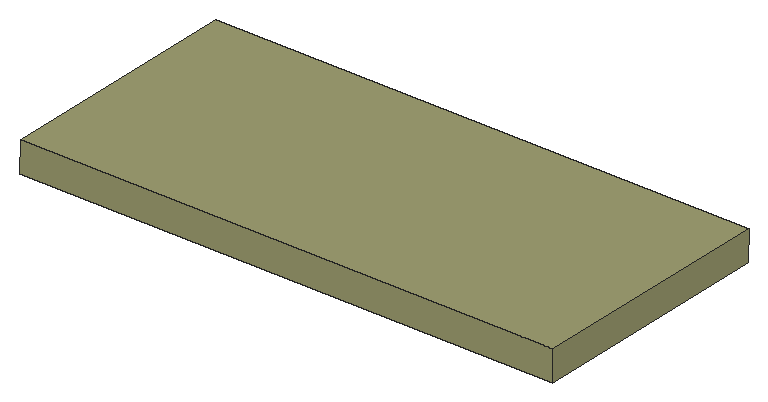
Revit family "Ecowool Brownie Blanket (16kgm3)", category Generic Models, host Face, Revit 2020
Family settings
  Host = Face
  Can host rebar = No
  Round Connector Dimension = Use Diameter
  Part Type = Normal
  Cut with Voids When Loaded = No
  Shared = No
  Room Calculation Point = No
Parameters (values of type "EWBL 2.70 (100mm)")
  Width [instance] = 800 mm
  URL = "www.ecowool.com.my"
  Type of Insulation = "Glass Mineral Wool Blanket"
  Thermal R value = 2.7
  Thermal K value = 0.0366
  Remarks = ""
  Material Specification = ""
  Manufacturer = "PGF Insulation Sdn. Bhd."
  Insulation Thickness = 100 mm
  Length(mm) [instance] = 1740 mm
  Finish = Brownie Blanket
  ECOWOOL Product thickness in mm = ""
  Description = "ECOWOOL Brownie blanket and slabs are resilient, non-combustible, glass mineral wool products, supplied at roofing and walling application for residential and commercial building"
  Density = 16.00 kg/m³
  Default Elevation = 1219.2 mm
Types (4, lengths in mm): name | Thermal R value | Insulation Thickness
  (no name) | 2.7 | 100
  EWBL 1.35 (50mm) | 1.35 | 50
  EWBL 2.00 (75mm) | 2 | 75
  EWBL 2.70 (100mm) | 2.7 | 100
Reference planes
  plane 1 "Center (Front/Back)": y = 0
  plane 2: z = 0
  plane 3 "Center (Left/Right)": x = 0
  plane 4: x = 1740
  plane 5: y = -400
  plane 6: y = 400
Forms (mm)
  Sweep 1, solid, material "Brownie Blanket" <- "Finish"
    path origin (0, 0, 0) x (1, 0, 0) y (0, 1, 0)
      loop
        line (0, 0) -> (1740, 0)
    profile origin (870, 0, 0) x (0, 1, 0) y (0, 0, 1)
      loop
        line (-400, 100) -> (-400, 0) -> (400, 0) -> (400, 100) -> (-400, 100)
Lines and regions (mm)
  reference lines
    curve 1: line (0, 0, 0) -> (1740, 0, 0)
Dimensions and locks
  "Width": plane 5 to plane 6
  equal spacing: plane 5, plane 1 "Center (Front/Back)", plane 6
  "Length(mm)": plane 3 "Center (Left/Right)" to plane 4
  "Insulation Thickness": host face to Sweep 1 sketch curve
  aligned and locked: plane 2 to host face
  aligned and locked: level to host face
  aligned and locked: plane 3 "Center (Left/Right)" to curve 1
  aligned and locked: plane 4 to curve 1
  aligned and locked: plane 3 "Center (Left/Right)" to Sweep 1 sketch curve
  aligned and locked: plane 4 to Sweep 1 sketch curve
  aligned and locked: level to Sweep 1 sketch curve
  aligned and locked: plane 6 to Sweep 1 sketch curve
  aligned and locked: Sweep 1 sketch curve to plane 5
Automatic sketch dimensions
  host sketch curve to host sketch curve = 1616.306 mm
  host sketch curve to host sketch curve = 2438.4 mm
  plane 1 "Center (Front/Back)" to curve 1 = 0 mm
  plane 1 "Center (Front/Back)" to Sweep 1 sketch curve = 0 mm
